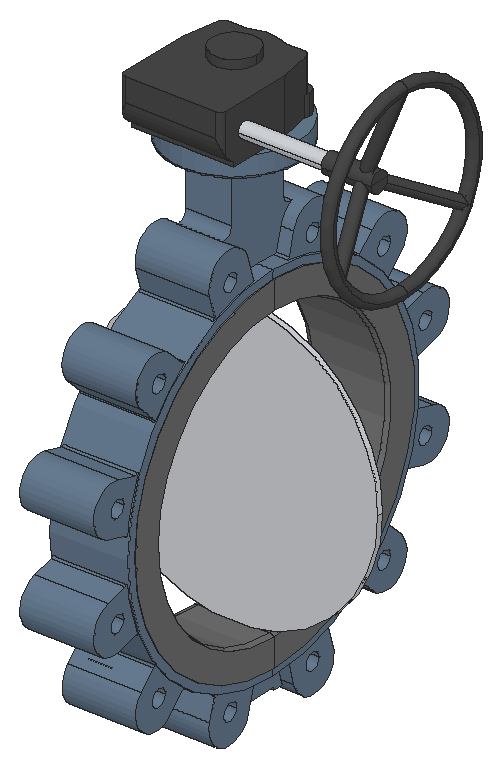
Revit family "HERZ Isolating Butterfly Valves AF-4219 with gearbox", category Rohrzubehör, Revit 2018 (continued)
Dimensions and locks
  "L03": plane 3 "Mitte (Links/rechts)" to Revolve 6 sketch curve
  "L02": Revolve 6 sketch curve to plane 3 "Mitte (Links/rechts)"
  "L03": Revolve 6 sketch curve to plane 3 "Mitte (Links/rechts)"
  "L01": plane 3 "Mitte (Links/rechts)" to Revolve 1 sketch curve
  "D02": Revolve 1 sketch curve to plane 2
  "L02": plane 3 "Mitte (Links/rechts)" to Revolve 6 sketch curve
  "D03": plane 2 to Revolve 6 sketch curve
  "L04": Revolve 6 sketch curve to plane 3 "Mitte (Links/rechts)" to Revolve 6 sketch curve
  "L01": curve 2 to plane 3 "Mitte (Links/rechts)" to curve 4
  equal spacing: curve 3, curve 6, curve 1
  equal spacing: curve 2, curve 6, curve 4
  "D01": curve 1 to plane 1 "Mitte (Vorne/hinten)" to curve 3
  "L01": curve 7 to curve 12 to curve 9
  "D01": curve 10 to curve 12 to curve 8
  "R99": radius of Revolve 2 sketch curve
  "D06": radius of Extrusion 7 sketch curve
  radius of curve 6 = 5 mm
  radius of curve 12 = 5 mm
  aligned and locked: level to plane 2
Automatic sketch dimensions
  Extrusion 3 sketch curve to Extrusion 3 sketch curve = 0 mm  (x20)
  Extrusion 3 sketch curve to level = 0 mm
  Extrusion 3 sketch curve to plane 1 "Mitte (Vorne/hinten)" = 0 mm
  plane 1 "Mitte (Vorne/hinten)" to Extrusion 3 sketch curve = 18.495 mm  (x2)
  Extrusion 3 sketch curve to Extrusion 3 sketch curve = 1.414 mm  (x16)
  Extrusion 3 sketch curve to Extrusion 3 sketch curve = 12.265 mm  (x8)
  Extrusion 3 sketch curve to level = 19.909 mm  (x2)
  Extrusion 3 sketch curve to Extrusion 3 sketch curve = 24.042 mm  (x8)
  level to Extrusion 3 sketch curve = 19.909 mm  (x2)
  Extrusion 3 sketch curve to Extrusion 3 sketch curve = 12.021 mm  (x12)
  Extrusion 3 sketch curve to plane 1 "Mitte (Vorne/hinten)" = 18.495 mm  (x2)
  Extrusion 3 sketch curve to Extrusion 3 sketch curve = 0.934 mm  (x4)
  Extrusion 4 sketch curve to level = 0 mm
  Extrusion 4 sketch curve to plane 1 "Mitte (Vorne/hinten)" = 0 mm
  plane 1 "Mitte (Vorne/hinten)" to Extrusion 4 sketch curve = 18.495 mm
  Extrusion 4 sketch curve to Extrusion 4 sketch curve = 1.414 mm  (x4)
  plane 1 "Mitte (Vorne/hinten)" to Extrusion 4 sketch curve = 20 mm
  Extrusion 4 sketch curve to Extrusion 4 sketch curve = 12.265 mm  (x2)
  Extrusion 4 sketch curve to Extrusion 4 sketch curve = 15 mm  (x2)
  Extrusion 4 sketch curve to Extrusion 4 sketch curve = 12.021 mm  (x4)
  Extrusion 4 sketch curve to plane 1 "Mitte (Vorne/hinten)" = 18.495 mm
  Extrusion 4 sketch curve to plane 1 "Mitte (Vorne/hinten)" = 20 mm
  level to Extrusion 4 sketch curve = 43.95 mm
  Extrusion 4 sketch curve to Extrusion 4 sketch curve = 0 mm
  Extrusion 4 sketch curve to Extrusion 4 sketch curve = 0.244 mm  (x2)
  Extrusion 4 sketch curve to Extrusion 4 sketch curve = 18.63 mm  (x2)
  Extrusion 4 sketch curve to Extrusion 4 sketch curve = 0.934 mm
  Extrusion 5 sketch curve to level = 0 mm
  Extrusion 5 sketch curve to plane 1 "Mitte (Vorne/hinten)" = 0 mm
  plane 1 "Mitte (Vorne/hinten)" to Extrusion 5 sketch curve = 15 mm
  Extrusion 5 sketch curve to Extrusion 5 sketch curve = 1.963 mm  (x2)
  Extrusion 5 sketch curve to Extrusion 5 sketch curve = 1.531 mm  (x2)
  Extrusion 5 sketch curve to Extrusion 5 sketch curve = 1.414 mm  (x4)
  Extrusion 5 sketch curve to Extrusion 5 sketch curve = 15.21 mm  (x2)
  Extrusion 5 sketch curve to Extrusion 5 sketch curve = 1.66 mm  (x2)
  Extrusion 5 sketch curve to Extrusion 5 sketch curve = 12.021 mm  (x3)
  Extrusion 5 sketch curve to plane 1 "Mitte (Vorne/hinten)" = 15 mm
  Extrusion 5 sketch curve to Extrusion 5 sketch curve = 1.037 mm  (x2)
  Extrusion 5 sketch curve to Extrusion 5 sketch curve = 1.4 mm  (x2)
  Extrusion 5 sketch curve to Extrusion 5 sketch curve = 1.785 mm  (x2)
  Extrusion 5 sketch curve to Extrusion 5 sketch curve = 12.635 mm  (x2)
  Extrusion 5 sketch curve to Extrusion 5 sketch curve = 0.934 mm
  Extrusion 5 sketch curve to Extrusion 5 sketch curve = 0.788 mm  (x2)
  Extrusion 5 sketch curve to Extrusion 5 sketch curve = 0 mm  (x2)
  Extrusion 4 sketch curve to Extrusion 4 sketch curve = 37.155 mm
  Extrusion 5 sketch curve to level = 43.95 mm
  Extrusion 8 sketch curve to Extrusion 8 sketch curve = 0 mm  (x12)
  Extrusion 8 sketch curve to level = 39.244 mm  (x2)
  plane 1 "Mitte (Vorne/hinten)" to Extrusion 8 sketch curve = 63.286 mm
  level to Extrusion 8 sketch curve = 39.244 mm  (x2)
  Extrusion 8 sketch curve to Extrusion 8 sketch curve = 9.19 mm  (x2)
  level to Extrusion 8 sketch curve = 28.614 mm  (x2)
  Extrusion 8 sketch curve to Extrusion 8 sketch curve = 1.441 mm  (x8)
  Extrusion 8 sketch curve to level = 28.614 mm  (x2)
  Extrusion 8 sketch curve to Extrusion 8 sketch curve = 12.021 mm  (x6)
  level to Extrusion 8 sketch curve = 63.286 mm  (x2)
  Extrusion 8 sketch curve to level = 63.286 mm  (x2)
  level to Extrusion 8 sketch curve = 52.636 mm  (x2)
  Extrusion 8 sketch curve to Extrusion 8 sketch curve = 10.65 mm  (x4)
  Extrusion 8 sketch curve to level = 52.636 mm  (x2)
  Extrusion 8 sketch curve to Extrusion 8 sketch curve = 1.414 mm  (x8)
  level to Extrusion 8 sketch curve = 0.001 mm  (x2)
  Extrusion 8 sketch curve to Extrusion 8 sketch curve = 28.594 mm
  Extrusion 8 sketch curve to level = 0.001 mm  (x2)
  Extrusion 8 sketch curve to Extrusion 8 sketch curve = 0.001 mm  (x2)
  Extrusion 8 sketch curve to Extrusion 8 sketch curve = 54.361 mm  (x2)
  Extrusion 8 sketch curve to Extrusion 8 sketch curve = 1.39 mm  (x2)
  Extrusion 8 sketch curve to Extrusion 8 sketch curve = 10.63 mm  (x2)
  Extrusion 8 sketch curve to Extrusion 8 sketch curve = 1.832 mm  (x2)
  Extrusion 9 sketch curve to Extrusion 9 sketch curve = 0 mm  (x5)
  Extrusion 9 sketch curve to level = 0 mm
  Extrusion 9 sketch curve to level = 51.265 mm
  plane 1 "Mitte (Vorne/hinten)" to Extrusion 9 sketch curve = 51.265 mm
  level to Extrusion 9 sketch curve = 51.265 mm
  Extrusion 9 sketch curve to Extrusion 9 sketch curve = 9.247 mm  (x3)
  Extrusion 9 sketch curve to level = 63.286 mm  (x2)
  Extrusion 9 sketch curve to Extrusion 9 sketch curve = 2.774 mm  (x4)
  level to Extrusion 9 sketch curve = 63.286 mm  (x2)
  Extrusion 9 sketch curve to Extrusion 9 sketch curve = 2.244 mm  (x2)
  Extrusion 9 sketch curve to Extrusion 9 sketch curve = 0.183 mm  (x2)
  level to Extrusion 9 sketch curve = 52.636 mm  (x2)
  Extrusion 9 sketch curve to Extrusion 9 sketch curve = 10.65 mm  (x3)
  Extrusion 9 sketch curve to level = 52.636 mm  (x2)
  Extrusion 9 sketch curve to Extrusion 9 sketch curve = 1.414 mm  (x8)
  Extrusion 9 sketch curve to Extrusion 9 sketch curve = 14.817 mm  (x2)
  Extrusion 9 sketch curve to Extrusion 9 sketch curve = 7.21 mm
  Extrusion 9 sketch curve to Extrusion 9 sketch curve = 1.971 mm
  Extrusion 9 sketch curve to Extrusion 9 sketch curve = 28.595 mm
  Extrusion 9 sketch curve to Extrusion 9 sketch curve = 36 mm
  Extrusion 9 sketch curve to Extrusion 9 sketch curve = 1.997 mm
  Extrusion 9 sketch curve to Extrusion 9 sketch curve = 44 mm
  Extrusion 9 sketch curve to Extrusion 9 sketch curve = 5.181 mm
  Extrusion 9 sketch curve to Extrusion 9 sketch curve = 7.184 mm
  Extrusion 9 sketch curve to Extrusion 9 sketch curve = 12.021 mm  (x2)
  Extrusion 9 sketch curve to Extrusion 9 sketch curve = 14.891 mm
  Extrusion 9 sketch curve to Extrusion 9 sketch curve = 6.473 mm
  Extrusion 9 sketch curve to Extrusion 9 sketch curve = 12.756 mm  (x2)
  Extrusion 9 sketch curve to Extrusion 9 sketch curve = 55.987 mm
  Extrusion 10 sketch curve to Extrusion 10 sketch curve = 0 mm  (x48)
  level to Extrusion 10 sketch curve = 14.909 mm  (x2)
  plane 1 "Mitte (Vorne/hinten)" to Extrusion 10 sketch curve = 80.416 mm
  Extrusion 10 sketch curve to level = 14.909 mm  (x2)
  Extrusion 10 sketch curve to Extrusion 10 sketch curve = 6.506 mm  (x6)
  Extrusion 10 sketch curve to level = 46.321 mm  (x2)
  level to Extrusion 10 sketch curve = 46.321 mm  (x2)
  Extrusion 10 sketch curve to level = 7.243 mm
  Extrusion 10 sketch curve to Extrusion 10 sketch curve = 13.321 mm
  level to Extrusion 10 sketch curve = 7.243 mm
  Extrusion 10 sketch curve to level = 9.076 mm  (x2)
  Extrusion 10 sketch curve to Extrusion 10 sketch curve = 0.759 mm  (x8)
  level to Extrusion 10 sketch curve = 9.076 mm  (x2)
  level to Extrusion 10 sketch curve = 40.487 mm  (x2)
  Extrusion 10 sketch curve to Extrusion 10 sketch curve = 14.082 mm  (x4)
  Extrusion 10 sketch curve to level = 40.487 mm  (x2)
  Extrusion 10 sketch curve to Extrusion 10 sketch curve = 0.758 mm  (x8)
  level to Extrusion 10 sketch curve = 67.405 mm  (x2)
  Extrusion 10 sketch curve to Extrusion 10 sketch curve = 6.243 mm  (x2)
  Extrusion 10 sketch curve to level = 67.405 mm  (x2)
  Extrusion 10 sketch curve to Extrusion 10 sketch curve = 10.245 mm  (x4)
  level to Extrusion 10 sketch curve = 53.322 mm  (x2)
  Extrusion 10 sketch curve to Extrusion 10 sketch curve = 1.831 mm  (x8)
  Extrusion 10 sketch curve to level = 53.322 mm  (x2)
  Extrusion 10 sketch curve to Extrusion 10 sketch curve = 15.706 mm  (x6)
  level to Extrusion 10 sketch curve = 80.416 mm  (x2)
  Extrusion 10 sketch curve to level = 80.416 mm  (x2)
  Extrusion 10 sketch curve to level = 66.335 mm  (x2)
  Extrusion 10 sketch curve to Extrusion 10 sketch curve = 5.832 mm  (x4)
  level to Extrusion 10 sketch curve = 66.335 mm  (x2)
  Extrusion 10 sketch curve to Extrusion 10 sketch curve = 1.833 mm  (x6)
  level to Extrusion 10 sketch curve = 0 mm
  Extrusion 10 sketch curve to Extrusion 10 sketch curve = 14.486 mm  (x2)
  Extrusion 10 sketch curve to Extrusion 10 sketch curve = 9.873 mm  (x2)
  Extrusion 10 sketch curve to Extrusion 10 sketch curve = 5.833 mm  (x2)
  Extrusion 10 sketch curve to Extrusion 10 sketch curve = 13.013 mm
  Extrusion 10 sketch curve to Extrusion 10 sketch curve = 14.081 mm  (x2)
  Extrusion 10 sketch curve to Extrusion 10 sketch curve = 1.973 mm  (x4)
  Extrusion 10 sketch curve to Extrusion 10 sketch curve = 1.544 mm  (x4)
  Extrusion 10 sketch curve to Extrusion 10 sketch curve = 1.243 mm  (x3)
  Extrusion 10 sketch curve to Extrusion 10 sketch curve = 0.211 mm  (x2)
  Extrusion 10 sketch curve to Extrusion 10 sketch curve = 0.002 mm  (x5)
  Extrusion 10 sketch curve to Extrusion 10 sketch curve = 0.213 mm  (x2)
  Extrusion 10 sketch curve to Extrusion 10 sketch curve = 41.076 mm
  Extrusion 10 sketch curve to level = 0 mm
  level to Extrusion 11 sketch curve = 100.814 mm
  plane 1 "Mitte (Vorne/hinten)" to Extrusion 11 sketch curve = 32 mm
  Extrusion 11 sketch curve to Extrusion 11 sketch curve = 1.385 mm
  Extrusion 11 sketch curve to Extrusion 11 sketch curve = 10 mm  (x2)
  Extrusion 11 sketch curve to level = 80.416 mm
  Extrusion 11 sketch curve to Extrusion 11 sketch curve = 15.706 mm  (x3)
  level to Extrusion 11 sketch curve = 80.416 mm  (x2)
  Extrusion 11 sketch curve to Extrusion 11 sketch curve = 1.409 mm
  Extrusion 11 sketch curve to level = 66.335 mm  (x2)
  Extrusion 11 sketch curve to Extrusion 11 sketch curve = 5.832 mm  (x3)
  level to Extrusion 11 sketch curve = 66.335 mm  (x2)
  Extrusion 11 sketch curve to Extrusion 11 sketch curve = 1.833 mm  (x4)
  level to Extrusion 11 sketch curve = 0.554 mm
  Extrusion 11 sketch curve to Extrusion 11 sketch curve = 9.076 mm
  Extrusion 11 sketch curve to level = 0.554 mm
  Extrusion 11 sketch curve to Extrusion 11 sketch curve = 0 mm  (x3)
  Extrusion 11 sketch curve to Extrusion 11 sketch curve = 14.486 mm  (x2)
  Extrusion 11 sketch curve to Extrusion 11 sketch curve = 44 mm
  Extrusion 11 sketch curve to Extrusion 11 sketch curve = 0.759 mm  (x4)
  Extrusion 11 sketch curve to Extrusion 11 sketch curve = 6.506 mm
  Extrusion 11 sketch curve to Extrusion 11 sketch curve = 42.686 mm
  Extrusion 11 sketch curve to level = 80.371 mm
  Extrusion 11 sketch curve to Extrusion 11 sketch curve = 1.39 mm
  Extrusion 11 sketch curve to Extrusion 11 sketch curve = 27 mm
  Extrusion 12 sketch curve to Extrusion 12 sketch curve = 0 mm  (x40)
  Extrusion 12 sketch curve to level = 0 mm
  level to Extrusion 12 sketch curve = 18.736 mm  (x2)
  plane 1 "Mitte (Vorne/hinten)" to Extrusion 12 sketch curve = 89.655 mm
  Extrusion 12 sketch curve to level = 18.736 mm  (x2)
  Extrusion 12 sketch curve to Extrusion 12 sketch curve = 6.506 mm  (x6)
  Extrusion 12 sketch curve to level = 50.147 mm  (x2)
  level to Extrusion 12 sketch curve = 50.147 mm  (x2)
  Extrusion 12 sketch curve to Extrusion 12 sketch curve = 13.415 mm  (x2)
  Extrusion 12 sketch curve to level = 12.858 mm  (x2)
  Extrusion 12 sketch curve to Extrusion 12 sketch curve = 0.776 mm  (x8)
  level to Extrusion 12 sketch curve = 12.858 mm  (x2)
  Extrusion 12 sketch curve to level = 44.269 mm  (x2)
  Extrusion 12 sketch curve to Extrusion 12 sketch curve = 14.192 mm  (x4)
  level to Extrusion 12 sketch curve = 44.269 mm  (x2)
  Extrusion 12 sketch curve to Extrusion 12 sketch curve = 0.775 mm  (x8)
  level to Extrusion 12 sketch curve = 76.644 mm  (x2)
  Extrusion 12 sketch curve to Extrusion 12 sketch curve = 11.529 mm  (x2)
  Extrusion 12 sketch curve to level = 76.644 mm  (x2)
  Extrusion 12 sketch curve to Extrusion 12 sketch curve = 4.008 mm  (x2)
  level to Extrusion 12 sketch curve = 62.451 mm  (x2)
  Extrusion 12 sketch curve to Extrusion 12 sketch curve = 1.871 mm  (x8)
  Extrusion 12 sketch curve to level = 62.451 mm  (x2)
  Extrusion 12 sketch curve to Extrusion 12 sketch curve = 15.706 mm  (x6)
  level to Extrusion 12 sketch curve = 89.655 mm  (x2)
  Extrusion 12 sketch curve to level = 89.655 mm  (x2)
  Extrusion 12 sketch curve to level = 75.464 mm  (x2)
  Extrusion 12 sketch curve to Extrusion 12 sketch curve = 5.878 mm  (x4)
  level to Extrusion 12 sketch curve = 75.464 mm  (x2)
  Extrusion 12 sketch curve to Extrusion 12 sketch curve = 1.873 mm  (x8)
  Extrusion 12 sketch curve to Extrusion 12 sketch curve = 21.969 mm  (x2)
  Extrusion 12 sketch curve to Extrusion 12 sketch curve = 9.827 mm  (x2)
  Extrusion 12 sketch curve to Extrusion 12 sketch curve = 5.879 mm  (x2)
  Extrusion 12 sketch curve to Extrusion 12 sketch curve = 15.537 mm  (x2)
  Extrusion 12 sketch curve to Extrusion 12 sketch curve = 13.013 mm
  Extrusion 12 sketch curve to Extrusion 12 sketch curve = 14.19 mm  (x2)
  Extrusion 12 sketch curve to Extrusion 12 sketch curve = 44.269 mm
  Extrusion 13 sketch curve to Extrusion 13 sketch curve = 0 mm  (x5)
  Extrusion 13 sketch curve to level = 0 mm
  level to Extrusion 13 sketch curve = 114.47 mm
  plane 1 "Mitte (Vorne/hinten)" to Extrusion 13 sketch curve = 41 mm
  Extrusion 13 sketch curve to level = 83.149 mm
  Extrusion 13 sketch curve to Extrusion 13 sketch curve = 6.558 mm  (x2)
  Extrusion 13 sketch curve to Extrusion 13 sketch curve = 15 mm  (x2)
  level to Extrusion 13 sketch curve = 89.655 mm  (x2)
  Extrusion 13 sketch curve to Extrusion 13 sketch curve = 15.706 mm  (x2)
  Extrusion 13 sketch curve to Extrusion 13 sketch curve = 5.236 mm  (x2)
  level to Extrusion 13 sketch curve = 75.464 mm  (x2)
  Extrusion 13 sketch curve to Extrusion 13 sketch curve = 5.878 mm  (x3)
  Extrusion 13 sketch curve to level = 75.464 mm  (x2)
  Extrusion 13 sketch curve to Extrusion 13 sketch curve = 1.873 mm  (x4)
  Extrusion 13 sketch curve to Extrusion 13 sketch curve = 12.858 mm
  Extrusion 13 sketch curve to Extrusion 13 sketch curve = 21.969 mm
  Extrusion 13 sketch curve to Extrusion 13 sketch curve = 3.345 mm
  Extrusion 13 sketch curve to Extrusion 13 sketch curve = 3 mm  (x2)
  Extrusion 13 sketch curve to Extrusion 13 sketch curve = 6.506 mm  (x3)
  Extrusion 13 sketch curve to Extrusion 13 sketch curve = 0.776 mm  (x4)
  Extrusion 13 sketch curve to Extrusion 13 sketch curve = 31.321 mm
  Extrusion 13 sketch curve to Extrusion 13 sketch curve = 52.53 mm
  Extrusion 13 sketch curve to Extrusion 13 sketch curve = 11.129 mm  (x2)
  Extrusion 13 sketch curve to Extrusion 13 sketch curve = 9.812 mm  (x2)
  Extrusion 13 sketch curve to Extrusion 13 sketch curve = 3.078 mm
  Extrusion 13 sketch curve to Extrusion 13 sketch curve = 21.68 mm
  Extrusion 13 sketch curve to Extrusion 13 sketch curve = 2.515 mm
  Extrusion 13 sketch curve to Extrusion 13 sketch curve = 52 mm
  Extrusion 14 sketch curve to Extrusion 14 sketch curve = 0 mm  (x22)
  Extrusion 14 sketch curve to level = 24.476 mm  (x2)
  plane 1 "Mitte (Vorne/hinten)" to Extrusion 14 sketch curve = 103.513 mm
  level to Extrusion 14 sketch curve = 24.476 mm  (x2)
  Extrusion 14 sketch curve to Extrusion 14 sketch curve = 6.506 mm  (x6)
  Extrusion 14 sketch curve to Extrusion 14 sketch curve = 11.623 mm  (x2)
  Extrusion 14 sketch curve to level = 19.351 mm  (x2)
  Extrusion 14 sketch curve to Extrusion 14 sketch curve = 0.749 mm  (x8)
  level to Extrusion 14 sketch curve = 19.351 mm  (x2)
  Extrusion 14 sketch curve to level = 55.888 mm  (x2)
  level to Extrusion 14 sketch curve = 55.888 mm  (x2)
  Extrusion 14 sketch curve to level = 50.783 mm  (x2)
  Extrusion 14 sketch curve to Extrusion 14 sketch curve = 12.323 mm  (x4)
  level to Extrusion 14 sketch curve = 50.783 mm  (x2)
  Extrusion 14 sketch curve to Extrusion 14 sketch curve = 0.774 mm  (x8)
  level to Extrusion 14 sketch curve = 90.502 mm  (x2)
  Extrusion 14 sketch curve to Extrusion 14 sketch curve = 21.517 mm  (x2)
  Extrusion 14 sketch curve to level = 90.502 mm  (x2)
  Extrusion 14 sketch curve to Extrusion 14 sketch curve = 3.235 mm  (x2)
  Extrusion 14 sketch curve to level = 78.179 mm  (x2)
  Extrusion 14 sketch curve to Extrusion 14 sketch curve = 1.869 mm  (x8)
  level to Extrusion 14 sketch curve = 78.179 mm  (x2)
  Extrusion 14 sketch curve to Extrusion 14 sketch curve = 15.706 mm  (x6)
  level to Extrusion 14 sketch curve = 103.513 mm  (x2)
  Extrusion 14 sketch curve to level = 103.513 mm  (x2)
  level to Extrusion 14 sketch curve = 91.141 mm  (x2)
  Extrusion 14 sketch curve to Extrusion 14 sketch curve = 5.125 mm  (x4)
  Extrusion 14 sketch curve to level = 91.141 mm  (x2)
  Extrusion 14 sketch curve to Extrusion 14 sketch curve = 1.809 mm  (x8)
  Extrusion 14 sketch curve to level = 0.103 mm  (x2)
  Extrusion 14 sketch curve to Extrusion 14 sketch curve = 90.896 mm
  level to Extrusion 14 sketch curve = 0.103 mm  (x2)
  Extrusion 14 sketch curve to Extrusion 14 sketch curve = 0.142 mm  (x7)
  Extrusion 14 sketch curve to Extrusion 14 sketch curve = 0.207 mm  (x2)
  Extrusion 14 sketch curve to Extrusion 14 sketch curve = 35.084 mm  (x2)
  Extrusion 14 sketch curve to Extrusion 14 sketch curve = 10.601 mm  (x2)
  Extrusion 14 sketch curve to Extrusion 14 sketch curve = 5.104 mm  (x2)
  Extrusion 14 sketch curve to Extrusion 14 sketch curve = 24.752 mm  (x2)
  Extrusion 14 sketch curve to Extrusion 14 sketch curve = 12.962 mm  (x2)
  Extrusion 14 sketch curve to Extrusion 14 sketch curve = 12.372 mm  (x2)
  Extrusion 14 sketch curve to level = 0.245 mm
  Extrusion 14 sketch curve to Extrusion 14 sketch curve = 1.933 mm  (x2)
  Extrusion 14 sketch curve to Extrusion 14 sketch curve = 0.314 mm  (x2)
  level to Extrusion 15 sketch curve = 97.007 mm
  plane 1 "Mitte (Vorne/hinten)" to Extrusion 15 sketch curve = 40.182 mm
  Extrusion 15 sketch curve to level = 97.007 mm
  Extrusion 15 sketch curve to Extrusion 15 sketch curve = 0 mm  (x7)
  Extrusion 15 sketch curve to Extrusion 15 sketch curve = 4.132 mm
  Extrusion 15 sketch curve to Extrusion 15 sketch curve = 10.048 mm  (x2)
  Extrusion 15 sketch curve to Extrusion 15 sketch curve = 15.706 mm  (x3)
  level to Extrusion 15 sketch curve = 103.513 mm  (x2)
  level to Extrusion 15 sketch curve = 91.141 mm  (x2)
  Extrusion 15 sketch curve to Extrusion 15 sketch curve = 5.125 mm  (x3)
  Extrusion 15 sketch curve to level = 91.141 mm  (x2)
  Extrusion 15 sketch curve to Extrusion 15 sketch curve = 1.809 mm  (x4)
  Extrusion 15 sketch curve to Extrusion 15 sketch curve = 10.974 mm  (x2)
  Extrusion 15 sketch curve to level = 0.111 mm
  Extrusion 15 sketch curve to Extrusion 15 sketch curve = 19.35 mm
  level to Extrusion 15 sketch curve = 0.111 mm
  Extrusion 15 sketch curve to Extrusion 15 sketch curve = 35.081 mm
  Extrusion 15 sketch curve to Extrusion 15 sketch curve = 4.041 mm
  Extrusion 15 sketch curve to level = 103.513 mm
  Extrusion 15 sketch curve to Extrusion 15 sketch curve = 9.998 mm  (x2)
  Extrusion 15 sketch curve to Extrusion 15 sketch curve = 3 mm
  Extrusion 15 sketch curve to Extrusion 15 sketch curve = 6.505 mm  (x2)
  Extrusion 15 sketch curve to Extrusion 15 sketch curve = 0.749 mm  (x4)
  Extrusion 15 sketch curve to Extrusion 15 sketch curve = 20.176 mm  (x2)
  Extrusion 15 sketch curve to Extrusion 15 sketch curve = 62.311 mm
  Extrusion 15 sketch curve to Extrusion 15 sketch curve = 0.048 mm
  Extrusion 15 sketch curve to Extrusion 15 sketch curve = 11.626 mm  (x2)
  Extrusion 15 sketch curve to Extrusion 15 sketch curve = 27 mm
  Extrusion 15 sketch curve to Extrusion 15 sketch curve = 52 mm
  Extrusion 16 sketch curve to Extrusion 16 sketch curve = 0 mm  (x23)
  Extrusion 16 sketch curve to level = 26.521 mm  (x2)
  plane 1 "Mitte (Vorne/hinten)" to Extrusion 16 sketch curve = 118.902 mm
  level to Extrusion 16 sketch curve = 26.521 mm  (x2)
  Extrusion 16 sketch curve to Extrusion 16 sketch curve = 8.036 mm  (x6)
  Extrusion 16 sketch curve to Extrusion 16 sketch curve = 15.875 mm  (x2)
  level to Extrusion 16 sketch curve = 65.323 mm  (x2)
  Extrusion 16 sketch curve to level = 65.323 mm  (x2)
  level to Extrusion 16 sketch curve = 19.621 mm  (x2)
  Extrusion 16 sketch curve to Extrusion 16 sketch curve = 0.782 mm  (x8)
  Extrusion 16 sketch curve to level = 19.621 mm  (x2)
  Extrusion 16 sketch curve to level = 58.409 mm  (x2)
  Extrusion 16 sketch curve to Extrusion 16 sketch curve = 16.693 mm  (x4)
  level to Extrusion 16 sketch curve = 58.409 mm  (x2)
  Extrusion 16 sketch curve to Extrusion 16 sketch curve = 0.763 mm  (x8)
  Extrusion 16 sketch curve to level = 102.829 mm  (x2)
  Extrusion 16 sketch curve to Extrusion 16 sketch curve = 20.05 mm  (x2)
  level to Extrusion 16 sketch curve = 102.829 mm  (x2)
  Extrusion 16 sketch curve to Extrusion 16 sketch curve = 5.074 mm  (x2)
  level to Extrusion 16 sketch curve = 86.136 mm  (x2)
  Extrusion 16 sketch curve to Extrusion 16 sketch curve = 1.841 mm  (x8)
  Extrusion 16 sketch curve to level = 86.136 mm  (x2)
  Extrusion 16 sketch curve to Extrusion 16 sketch curve = 19.401 mm  (x6)
  level to Extrusion 16 sketch curve = 118.902 mm  (x2)
  Extrusion 16 sketch curve to level = 118.902 mm  (x2)
  level to Extrusion 16 sketch curve = 102.246 mm  (x2)
  Extrusion 16 sketch curve to Extrusion 16 sketch curve = 6.899 mm  (x4)
  Extrusion 16 sketch curve to level = 102.246 mm  (x2)
  Extrusion 16 sketch curve to Extrusion 16 sketch curve = 1.887 mm  (x8)
  level to Extrusion 16 sketch curve = 0.002 mm  (x2)
  Extrusion 16 sketch curve to Extrusion 16 sketch curve = 86.133 mm
  Extrusion 16 sketch curve to level = 0.002 mm
  Extrusion 16 sketch curve to Extrusion 16 sketch curve = 0.001 mm  (x8)
  Extrusion 16 sketch curve to Extrusion 16 sketch curve = 35.469 mm  (x2)
  Extrusion 16 sketch curve to Extrusion 16 sketch curve = 12.487 mm  (x2)
  Extrusion 16 sketch curve to Extrusion 16 sketch curve = 6.914 mm  (x2)
  Extrusion 16 sketch curve to Extrusion 16 sketch curve = 25.124 mm  (x2)
  Extrusion 16 sketch curve to Extrusion 16 sketch curve = 16.11 mm
  Extrusion 16 sketch curve to Extrusion 16 sketch curve = 16.656 mm  (x2)
  Extrusion 16 sketch curve to level = 0.003 mm
  Extrusion 16 sketch curve to Extrusion 16 sketch curve = 2.019 mm  (x2)
  Extrusion 16 sketch curve to Extrusion 16 sketch curve = 0.309 mm  (x2)
  Extrusion 16 sketch curve to Extrusion 16 sketch curve = 0.004 mm  (x2)
  Extrusion 17 sketch curve to Extrusion 17 sketch curve = 0 mm  (x7)
  Extrusion 17 sketch curve to level = 0 mm
  Extrusion 17 sketch curve to plane 1 "Mitte (Vorne/hinten)" = 0 mm
  plane 1 "Mitte (Vorne/hinten)" to Extrusion 17 sketch curve = 13.5 mm
  plane 1 "Mitte (Vorne/hinten)" to Extrusion 17 sketch curve = 17.734 mm  (x2)
  Extrusion 17 sketch curve to Extrusion 17 sketch curve = 1.887 mm  (x4)
  plane 1 "Mitte (Vorne/hinten)" to Extrusion 17 sketch curve = 26 mm
  Extrusion 17 sketch curve to Extrusion 17 sketch curve = 0.521 mm
  Extrusion 17 sketch curve to Extrusion 17 sketch curve = 13.021 mm  (x2)
  Extrusion 17 sketch curve to Extrusion 17 sketch curve = 4.341 mm  (x2)
  Extrusion 17 sketch curve to Extrusion 17 sketch curve = 10 mm  (x2)
  Extrusion 17 sketch curve to Extrusion 17 sketch curve = 19.401 mm  (x4)
  Extrusion 17 sketch curve to plane 1 "Mitte (Vorne/hinten)" = 13.5 mm
  Extrusion 17 sketch curve to plane 1 "Mitte (Vorne/hinten)" = 17.734 mm  (x2)
  Extrusion 17 sketch curve to Extrusion 17 sketch curve = 6.899 mm
  Extrusion 17 sketch curve to level = 102.246 mm
  Extrusion 17 sketch curve to Extrusion 17 sketch curve = 0.782 mm  (x4)
  Extrusion 17 sketch curve to Extrusion 17 sketch curve = 8.62 mm  (x4)
  Extrusion 17 sketch curve to Extrusion 17 sketch curve = 16.656 mm  (x4)
  Extrusion 17 sketch curve to Extrusion 17 sketch curve = 3 mm
  level to Extrusion 17 sketch curve = 102.246 mm
  Extrusion 17 sketch curve to Extrusion 17 sketch curve = 16.098 mm  (x2)
  Extrusion 17 sketch curve to Extrusion 17 sketch curve = 64 mm
  Extrusion 17 sketch curve to Extrusion 17 sketch curve = 4.938 mm
  Extrusion 18 sketch curve to Extrusion 18 sketch curve = 0 mm  (x62)
  Extrusion 18 sketch curve to level = 0 mm
  Extrusion 18 sketch curve to level = 17.891 mm  (x2)
  plane 1 "Mitte (Vorne/hinten)" to Extrusion 18 sketch curve = 147.909 mm
  level to Extrusion 18 sketch curve = 17.891 mm  (x2)
  Extrusion 18 sketch curve to Extrusion 18 sketch curve = 5.435 mm  (x6)
  Extrusion 18 sketch curve to level = 58.46 mm  (x2)
  level to Extrusion 18 sketch curve = 58.46 mm  (x2)
  Extrusion 18 sketch curve to Extrusion 18 sketch curve = 15.462 mm  (x2)
  level to Extrusion 18 sketch curve = 13.612 mm  (x2)
  Extrusion 18 sketch curve to Extrusion 18 sketch curve = 0.509 mm  (x8)
  Extrusion 18 sketch curve to level = 13.612 mm  (x2)
  Extrusion 18 sketch curve to level = 54.199 mm  (x2)
  Extrusion 18 sketch curve to Extrusion 18 sketch curve = 15.903 mm  (x4)
  level to Extrusion 18 sketch curve = 54.199 mm  (x2)
  Extrusion 18 sketch curve to Extrusion 18 sketch curve = 0.53 mm  (x8)
  Extrusion 18 sketch curve to level = 89.449 mm  (x2)
  Extrusion 18 sketch curve to Extrusion 18 sketch curve = 1.459 mm  (x2)
  level to Extrusion 18 sketch curve = 89.449 mm  (x2)
  Extrusion 18 sketch curve to Extrusion 18 sketch curve = 10.302 mm  (x2)
  Extrusion 18 sketch curve to level = 77.758 mm  (x2)
  Extrusion 18 sketch curve to Extrusion 18 sketch curve = 1.389 mm  (x8)
  level to Extrusion 18 sketch curve = 77.758 mm  (x2)
  Extrusion 18 sketch curve to Extrusion 18 sketch curve = 14.849 mm  (x6)
  Extrusion 18 sketch curve to level = 119.147 mm  (x2)
  level to Extrusion 18 sketch curve = 119.147 mm  (x2)
  level to Extrusion 18 sketch curve = 107.506 mm  (x2)
  Extrusion 18 sketch curve to Extrusion 18 sketch curve = 11.642 mm  (x4)
  Extrusion 18 sketch curve to level = 107.506 mm  (x2)
  Extrusion 18 sketch curve to Extrusion 18 sketch curve = 1.448 mm  (x8)
  level to Extrusion 18 sketch curve = 137.039 mm  (x2)
  Extrusion 18 sketch curve to Extrusion 18 sketch curve = 17.899 mm  (x2)
  Extrusion 18 sketch curve to level = 137.039 mm  (x2)
  Extrusion 18 sketch curve to Extrusion 18 sketch curve = 2.283 mm  (x2)
  Extrusion 18 sketch curve to level = 121.136 mm  (x2)
  Extrusion 18 sketch curve to Extrusion 18 sketch curve = 1.978 mm  (x8)
  level to Extrusion 18 sketch curve = 121.136 mm  (x2)
  Extrusion 18 sketch curve to Extrusion 18 sketch curve = 20.284 mm  (x6)
  Extrusion 18 sketch curve to level = 147.909 mm  (x2)
  level to Extrusion 18 sketch curve = 147.909 mm  (x2)
  level to Extrusion 18 sketch curve = 131.939 mm  (x2)
  Extrusion 18 sketch curve to Extrusion 18 sketch curve = 4.279 mm  (x4)
  Extrusion 18 sketch curve to level = 131.939 mm  (x2)
  Extrusion 18 sketch curve to Extrusion 18 sketch curve = 1.898 mm  (x8)
  Extrusion 18 sketch curve to Extrusion 18 sketch curve = 13.612 mm
  Extrusion 18 sketch curve to Extrusion 18 sketch curve = 23.429 mm  (x2)
  Extrusion 18 sketch curve to Extrusion 18 sketch curve = 16.023 mm  (x2)
  Extrusion 18 sketch curve to Extrusion 18 sketch curve = 4.261 mm  (x2)
  Extrusion 18 sketch curve to Extrusion 18 sketch curve = 20.183 mm  (x2)
  Extrusion 18 sketch curve to Extrusion 18 sketch curve = 3.158 mm  (x2)
  Extrusion 18 sketch curve to Extrusion 18 sketch curve = 11.691 mm  (x2)
  Extrusion 18 sketch curve to Extrusion 18 sketch curve = 11.76 mm  (x2)
  Extrusion 18 sketch curve to Extrusion 18 sketch curve = 10.803 mm
  Extrusion 18 sketch curve to Extrusion 18 sketch curve = 15.97 mm  (x2)
  Extrusion 19 sketch curve to Extrusion 19 sketch curve = 0 mm  (x5)
  Extrusion 19 sketch curve to level = 0 mm
  Extrusion 19 sketch curve to level = 142.474 mm
  plane 1 "Mitte (Vorne/hinten)" to Extrusion 19 sketch curve = 38.176 mm
  level to Extrusion 19 sketch curve = 142.474 mm
  Extrusion 19 sketch curve to Extrusion 19 sketch curve = 8.163 mm
  Extrusion 19 sketch curve to Extrusion 19 sketch curve = 2.013 mm  (x2)
  Extrusion 19 sketch curve to level = 147.909 mm
  Extrusion 19 sketch curve to Extrusion 19 sketch curve = 20.284 mm  (x3)
  level to Extrusion 19 sketch curve = 147.909 mm  (x2)
  Extrusion 19 sketch curve to Extrusion 19 sketch curve = 10.109 mm
  Extrusion 19 sketch curve to level = 131.939 mm  (x2)
  Extrusion 19 sketch curve to Extrusion 19 sketch curve = 4.279 mm  (x4)
  level to Extrusion 19 sketch curve = 131.939 mm  (x2)
  Extrusion 19 sketch curve to Extrusion 19 sketch curve = 1.898 mm  (x4)
  Extrusion 19 sketch curve to Extrusion 19 sketch curve = 13.612 mm
  Extrusion 19 sketch curve to Extrusion 19 sketch curve = 23.429 mm  (x2)
  Extrusion 19 sketch curve to Extrusion 19 sketch curve = 56 mm
  Extrusion 19 sketch curve to Extrusion 19 sketch curve = 5.435 mm  (x2)
  Extrusion 19 sketch curve to Extrusion 19 sketch curve = 0.509 mm  (x4)
  Extrusion 19 sketch curve to Extrusion 19 sketch curve = 16.081 mm  (x2)
  Extrusion 19 sketch curve to Extrusion 19 sketch curve = 66.01 mm
  Extrusion 19 sketch curve to Extrusion 19 sketch curve = 1.832 mm  (x2)
  Extrusion 19 sketch curve to Extrusion 19 sketch curve = 0.173 mm
  Extrusion 20 sketch curve to level = 22.097 mm  (x2)
  plane 1 "Mitte (Vorne/hinten)" to Extrusion 20 sketch curve = 177.618 mm
  level to Extrusion 20 sketch curve = 22.097 mm  (x2)
  Extrusion 20 sketch curve to Extrusion 20 sketch curve = 0 mm  (x17)
  Extrusion 20 sketch curve to Extrusion 20 sketch curve = 6.47 mm  (x4)
  Extrusion 20 sketch curve to Extrusion 20 sketch curve = 2.415 mm  (x8)
  level to Extrusion 20 sketch curve = 70.393 mm  (x2)
  Extrusion 20 sketch curve to level = 70.393 mm  (x2)
  Extrusion 20 sketch curve to Extrusion 20 sketch curve = 18.556 mm  (x2)
  Extrusion 20 sketch curve to level = 16.983 mm  (x2)
  Extrusion 20 sketch curve to Extrusion 20 sketch curve = 0.529 mm  (x16)
  level to Extrusion 20 sketch curve = 16.983 mm  (x2)
  level to Extrusion 20 sketch curve = 65.28 mm  (x2)
  Extrusion 20 sketch curve to Extrusion 20 sketch curve = 19.085 mm  (x6)
  Extrusion 20 sketch curve to level = 65.28 mm  (x2)
  Extrusion 20 sketch curve to level = 107.956 mm  (x2)
  Extrusion 20 sketch curve to Extrusion 20 sketch curve = 2.085 mm  (x2)
  level to Extrusion 20 sketch curve = 107.956 mm  (x2)
  Extrusion 20 sketch curve to Extrusion 20 sketch curve = 12.527 mm  (x2)
  level to Extrusion 20 sketch curve = 93.984 mm  (x2)
  Extrusion 20 sketch curve to Extrusion 20 sketch curve = 1.445 mm  (x16)
  Extrusion 20 sketch curve to level = 93.984 mm  (x2)
  Extrusion 20 sketch curve to Extrusion 20 sketch curve = 17.678 mm  (x4)
  Extrusion 20 sketch curve to Extrusion 20 sketch curve = 1.768 mm  (x8)
  level to Extrusion 20 sketch curve = 143.311 mm  (x2)
  Extrusion 20 sketch curve to level = 143.311 mm  (x2)
  Extrusion 20 sketch curve to level = 129.34 mm  (x2)
  Extrusion 20 sketch curve to Extrusion 20 sketch curve = 13.971 mm  (x6)
  level to Extrusion 20 sketch curve = 129.34 mm  (x2)
  level to Extrusion 20 sketch curve = 164.981 mm  (x2)
  Extrusion 20 sketch curve to Extrusion 20 sketch curve = 22.118 mm  (x2)
  Extrusion 20 sketch curve to level = 164.981 mm  (x2)
  Extrusion 20 sketch curve to Extrusion 20 sketch curve = 3.14 mm  (x2)
  level to Extrusion 20 sketch curve = 145.897 mm  (x2)
  Extrusion 20 sketch curve to Extrusion 20 sketch curve = 1.974 mm  (x8)
  Extrusion 20 sketch curve to level = 145.897 mm  (x2)
  Extrusion 20 sketch curve to Extrusion 20 sketch curve = 24.148 mm  (x4)
  Extrusion 20 sketch curve to Extrusion 20 sketch curve = 0.647 mm  (x8)
  level to Extrusion 20 sketch curve = 177.922 mm  (x2)
  Extrusion 20 sketch curve to level = 177.922 mm  (x2)
  level to Extrusion 20 sketch curve = 158.837 mm  (x2)
  Extrusion 20 sketch curve to Extrusion 20 sketch curve = 5.114 mm  (x6)
  Extrusion 20 sketch curve to level = 158.837 mm  (x2)
  Extrusion 20 sketch curve to Extrusion 20 sketch curve = 1.973 mm  (x8)
  Extrusion 20 sketch curve to level = 0.226 mm  (x2)
  Extrusion 20 sketch curve to Extrusion 20 sketch curve = 158.098 mm
  level to Extrusion 20 sketch curve = 0.226 mm
  level to Extrusion 20 sketch curve = 0.072 mm
  Extrusion 20 sketch curve to Extrusion 20 sketch curve = 0.128 mm  (x3)
  Extrusion 20 sketch curve to level = 0.072 mm
  Extrusion 20 sketch curve to Extrusion 20 sketch curve = 0.061 mm  (x4)
  Extrusion 20 sketch curve to level = 0.036 mm  (x2)
  Extrusion 20 sketch curve to Extrusion 20 sketch curve = 0.324 mm
  Extrusion 20 sketch curve to Extrusion 20 sketch curve = 29.244 mm  (x2)
  Extrusion 20 sketch curve to Extrusion 20 sketch curve = 23.501 mm  (x2)
  Extrusion 20 sketch curve to Extrusion 20 sketch curve = 19.681 mm  (x2)
  Extrusion 20 sketch curve to Extrusion 20 sketch curve = 25.258 mm  (x2)
  Extrusion 20 sketch curve to Extrusion 20 sketch curve = 15.91 mm  (x2)
  Extrusion 20 sketch curve to Extrusion 20 sketch curve = 5.474 mm  (x2)
  Extrusion 20 sketch curve to Extrusion 20 sketch curve = 14.612 mm  (x2)
  Extrusion 20 sketch curve to Extrusion 20 sketch curve = 12.94 mm
  Extrusion 20 sketch curve to Extrusion 20 sketch curve = 4.056 mm  (x2)
  Extrusion 20 sketch curve to Extrusion 20 sketch curve = 0.035 mm  (x2)
  level to Extrusion 20 sketch curve = 0.036 mm  (x2)
  Extrusion 20 sketch curve to Extrusion 20 sketch curve = 0.154 mm
  Extrusion 20 sketch curve to Extrusion 20 sketch curve = 2.037 mm  (x4)
  Extrusion 20 sketch curve to Extrusion 20 sketch curve = 1.856 mm  (x4)
  Extrusion 20 sketch curve to Extrusion 20 sketch curve = 1.841 mm  (x4)
  Extrusion 20 sketch curve to Extrusion 20 sketch curve = 1.179 mm  (x4)
  Extrusion 20 sketch curve to Extrusion 20 sketch curve = 0.856 mm  (x4)
  Extrusion 20 sketch curve to Extrusion 20 sketch curve = 0.153 mm  (x4)
  level to Extrusion 21 sketch curve = 171.452 mm
  plane 1 "Mitte (Vorne/hinten)" to Extrusion 21 sketch curve = 45.94 mm
  Extrusion 21 sketch curve to level = 171.452 mm
  Extrusion 21 sketch curve to Extrusion 21 sketch curve = 0 mm  (x2)
  Extrusion 21 sketch curve to Extrusion 21 sketch curve = 6.907 mm
  Extrusion 21 sketch curve to Extrusion 21 sketch curve = 11.901 mm
  Extrusion 21 sketch curve to Extrusion 21 sketch curve = 1.957 mm  (x2)
  Extrusion 21 sketch curve to level = 177.922 mm  (x2)
  Extrusion 21 sketch curve to Extrusion 21 sketch curve = 17.241 mm
  level to Extrusion 21 sketch curve = 177.922 mm  (x2)
  Extrusion 21 sketch curve to Extrusion 21 sketch curve = 10.291 mm  (x2)
  Extrusion 21 sketch curve to Extrusion 21 sketch curve = 0.709 mm  (x2)
  level to Extrusion 21 sketch curve = 158.808 mm  (x2)
  Extrusion 21 sketch curve to Extrusion 21 sketch curve = 5.122 mm  (x3)
  Extrusion 21 sketch curve to level = 158.808 mm  (x2)
  Extrusion 21 sketch curve to Extrusion 21 sketch curve = 1.932 mm  (x4)
  level to Extrusion 21 sketch curve = 0.021 mm
  Extrusion 21 sketch curve to Extrusion 21 sketch curve = 16.588 mm
  Extrusion 21 sketch curve to Extrusion 21 sketch curve = 29.311 mm  (x2)
  Extrusion 21 sketch curve to Extrusion 21 sketch curve = 24.148 mm
  Extrusion 21 sketch curve to Extrusion 21 sketch curve = 17.557 mm
  Extrusion 21 sketch curve to Extrusion 21 sketch curve = 3 mm
  Extrusion 21 sketch curve to Extrusion 21 sketch curve = 6.47 mm  (x2)
  Extrusion 21 sketch curve to Extrusion 21 sketch curve = 0.518 mm  (x4)
  Extrusion 21 sketch curve to level = 0.021 mm
  Extrusion 21 sketch curve to Extrusion 21 sketch curve = 17.717 mm  (x2)
  Extrusion 21 sketch curve to Extrusion 21 sketch curve = 67.361 mm
  Extrusion 21 sketch curve to Extrusion 21 sketch curve = 0.12 mm  (x2)
  Extrusion 21 sketch curve to Extrusion 21 sketch curve = 17.951 mm
  Extrusion 21 sketch curve to Extrusion 21 sketch curve = 6.344 mm
  level to Extrusion 22 sketch curve = 28.91 mm  (x2)
  plane 1 "Mitte (Vorne/hinten)" to Extrusion 22 sketch curve = 204.485 mm
  Extrusion 22 sketch curve to level = 28.91 mm  (x2)
  Extrusion 22 sketch curve to Extrusion 22 sketch curve = 0 mm  (x9)
  Extrusion 22 sketch curve to Extrusion 22 sketch curve = 6.47 mm  (x4)
  Extrusion 22 sketch curve to Extrusion 22 sketch curve = 4.83 mm  (x8)
  Extrusion 22 sketch curve to level = 77.206 mm  (x2)
  level to Extrusion 22 sketch curve = 77.206 mm  (x2)
  Extrusion 22 sketch curve to Extrusion 22 sketch curve = 20.758 mm  (x2)
  level to Extrusion 22 sketch curve = 23.212 mm  (x2)
  Extrusion 22 sketch curve to Extrusion 22 sketch curve = 0.507 mm  (x8)
  Extrusion 22 sketch curve to level = 23.212 mm  (x2)
  Extrusion 22 sketch curve to level = 71.52 mm  (x2)
  Extrusion 22 sketch curve to Extrusion 22 sketch curve = 21.221 mm  (x4)
  level to Extrusion 22 sketch curve = 71.52 mm  (x2)
  Extrusion 22 sketch curve to Extrusion 22 sketch curve = 0.521 mm  (x8)
  level to Extrusion 22 sketch curve = 127.279 mm  (x2)
  Extrusion 22 sketch curve to Extrusion 22 sketch curve = 7.168 mm  (x2)
  Extrusion 22 sketch curve to level = 127.279 mm  (x2)
  Extrusion 22 sketch curve to Extrusion 22 sketch curve = 14.182 mm  (x2)
  Extrusion 22 sketch curve to level = 111.712 mm  (x2)
  Extrusion 22 sketch curve to Extrusion 22 sketch curve = 1.386 mm  (x8)
  level to Extrusion 22 sketch curve = 111.712 mm  (x2)
  Extrusion 22 sketch curve to Extrusion 22 sketch curve = 17.678 mm  (x4)
  Extrusion 22 sketch curve to Extrusion 22 sketch curve = 3.536 mm  (x8)
  level to Extrusion 22 sketch curve = 162.635 mm  (x2)
  Extrusion 22 sketch curve to level = 162.635 mm  (x2)
  Extrusion 22 sketch curve to level = 147.1 mm  (x2)
  Extrusion 22 sketch curve to Extrusion 22 sketch curve = 15.535 mm  (x4)
  level to Extrusion 22 sketch curve = 147.1 mm  (x2)
  Extrusion 22 sketch curve to Extrusion 22 sketch curve = 1.423 mm  (x8)
  level to Extrusion 22 sketch curve = 191.544 mm  (x2)
  Extrusion 22 sketch curve to Extrusion 22 sketch curve = 33.115 mm  (x2)
  Extrusion 22 sketch curve to level = 191.544 mm  (x2)
  Extrusion 22 sketch curve to Extrusion 22 sketch curve = 3.742 mm  (x2)
  Extrusion 22 sketch curve to level = 170.323 mm  (x2)
  Extrusion 22 sketch curve to Extrusion 22 sketch curve = 1.944 mm  (x8)
  level to Extrusion 22 sketch curve = 170.323 mm  (x2)
  Extrusion 22 sketch curve to Extrusion 22 sketch curve = 24.148 mm  (x4)
  Extrusion 22 sketch curve to Extrusion 22 sketch curve = 1.294 mm  (x8)
  Extrusion 22 sketch curve to level = 204.485 mm  (x2)
  level to Extrusion 22 sketch curve = 204.485 mm  (x2)
  level to Extrusion 22 sketch curve = 183.22 mm  (x2)
  Extrusion 22 sketch curve to Extrusion 22 sketch curve = 5.698 mm  (x4)
  Extrusion 22 sketch curve to level = 183.22 mm  (x2)
  Extrusion 22 sketch curve to Extrusion 22 sketch curve = 1.893 mm  (x8)
  Extrusion 22 sketch curve to level = 0.029 mm
  Extrusion 22 sketch curve to Extrusion 22 sketch curve = 147.001 mm
  level to Extrusion 22 sketch curve = 0.029 mm  (x2)
  Extrusion 22 sketch curve to Extrusion 22 sketch curve = 0.008 mm  (x4)
  Extrusion 22 sketch curve to Extrusion 22 sketch curve = 0.029 mm  (x4)
  Extrusion 22 sketch curve to Extrusion 22 sketch curve = 0.057 mm  (x4)
  Extrusion 22 sketch curve to Extrusion 22 sketch curve = 42.638 mm  (x2)
  Extrusion 22 sketch curve to Extrusion 22 sketch curve = 22.854 mm  (x2)
  Extrusion 22 sketch curve to Extrusion 22 sketch curve = 19.756 mm  (x2)
  Extrusion 22 sketch curve to Extrusion 22 sketch curve = 5.686 mm  (x2)
  Extrusion 22 sketch curve to Extrusion 22 sketch curve = 36.857 mm  (x2)
  Extrusion 22 sketch curve to Extrusion 22 sketch curve = 14.142 mm  (x2)
  Extrusion 22 sketch curve to Extrusion 22 sketch curve = 5.646 mm  (x2)
  Extrusion 22 sketch curve to Extrusion 22 sketch curve = 15.567 mm  (x2)
  Extrusion 22 sketch curve to Extrusion 22 sketch curve = 21.349 mm  (x2)
  Extrusion 22 sketch curve to Extrusion 22 sketch curve = 12.897 mm
  Extrusion 22 sketch curve to Extrusion 22 sketch curve = 1.641 mm  (x2)
  Extrusion 22 sketch curve to Extrusion 22 sketch curve = 21.266 mm  (x2)
  Extrusion 22 sketch curve to level = 0.066 mm
  Extrusion 22 sketch curve to Extrusion 22 sketch curve = 0.037 mm
  Extrusion 22 sketch curve to Extrusion 22 sketch curve = 0.014 mm  (x4)
  Extrusion 22 sketch curve to Extrusion 22 sketch curve = 0.023 mm  (x3)
  Extrusion 22 sketch curve to Extrusion 22 sketch curve = 1.959 mm  (x2)
  Extrusion 22 sketch curve to Extrusion 22 sketch curve = 1.725 mm  (x2)
  Extrusion 23 sketch curve to Extrusion 23 sketch curve = 0 mm  (x4)
  Extrusion 23 sketch curve to level = 0 mm
  level to Extrusion 23 sketch curve = 198.015 mm
  plane 1 "Mitte (Vorne/hinten)" to Extrusion 23 sketch curve = 53.058 mm
  Extrusion 23 sketch curve to Extrusion 23 sketch curve = 11.058 mm
  Extrusion 23 sketch curve to Extrusion 23 sketch curve = 10 mm  (x2)
  Extrusion 23 sketch curve to Extrusion 23 sketch curve = 21.696 mm
  Extrusion 23 sketch curve to level = 204.485 mm
  Extrusion 23 sketch curve to Extrusion 23 sketch curve = 2.452 mm  (x2)
  level to Extrusion 23 sketch curve = 204.485 mm  (x2)
  Extrusion 23 sketch curve to Extrusion 23 sketch curve = 24.148 mm  (x3)
  Extrusion 23 sketch curve to level = 183.22 mm  (x2)
  Extrusion 23 sketch curve to Extrusion 23 sketch curve = 5.698 mm  (x3)
  level to Extrusion 23 sketch curve = 183.22 mm  (x2)
  Extrusion 23 sketch curve to Extrusion 23 sketch curve = 1.893 mm  (x4)
  Extrusion 23 sketch curve to Extrusion 23 sketch curve = 7.91 mm  (x2)
  Extrusion 23 sketch curve to Extrusion 23 sketch curve = 23.212 mm
  Extrusion 23 sketch curve to Extrusion 23 sketch curve = 42 mm
  Extrusion 23 sketch curve to Extrusion 23 sketch curve = 42.638 mm
  Extrusion 23 sketch curve to Extrusion 23 sketch curve = 0.319 mm
  Extrusion 23 sketch curve to Extrusion 23 sketch curve = 64 mm
  Extrusion 23 sketch curve to Extrusion 23 sketch curve = 2.951 mm
  Extrusion 23 sketch curve to Extrusion 23 sketch curve = 3 mm  (x2)
  Extrusion 23 sketch curve to Extrusion 23 sketch curve = 12.421 mm
  Extrusion 23 sketch curve to Extrusion 23 sketch curve = 0.507 mm  (x4)
  Extrusion 23 sketch curve to Extrusion 23 sketch curve = 6.47 mm
  Extrusion 23 sketch curve to Extrusion 23 sketch curve = 26.515 mm  (x2)
  Extrusion 23 sketch curve to Extrusion 23 sketch curve = 57 mm
  Extrusion 23 sketch curve to Extrusion 23 sketch curve = 0.014 mm  (x2)
  curve 12 to level = 0 mm
  curve 12 to plane 3 "Mitte (Links/rechts)" = 0 mm
  Revolve 1 sketch curve to level = 0 mm
  Revolve 1 sketch curve to Revolve 1 sketch curve = 1330.49 mm
  Revolve 1 sketch curve to Revolve 1 sketch curve = 1877.483 mm
  Revolve 2 sketch curve to plane 3 "Mitte (Links/rechts)" = 0 mm  (x2)
  Revolve 2 sketch curve to Revolve 2 sketch curve = 0.333 mm
  Revolve 2 sketch curve to level = 366.045 mm
  Revolve 2 sketch curve to Revolve 2 sketch curve = 2089.315 mm
  Revolve 6 sketch curve to level = 0 mm
  Revolve 6 sketch curve to Revolve 6 sketch curve = 1463.783 mm
  Revolve 6 sketch curve to Revolve 6 sketch curve = 1741.775 mm
  Extrusion 7 sketch curve to level = 0 mm
  Extrusion 7 sketch curve to plane 3 "Mitte (Links/rechts)" = 0 mm
  radius of Extrusion 3 sketch curve = 6.92 mm  (x4)
  radius of Extrusion 8 sketch curve = 6.92 mm  (x4)
  radius of Extrusion 10 sketch curve = 6.92 mm  (x8)
  radius of Extrusion 12 sketch curve = 6.92 mm  (x8)
  radius of Extrusion 14 sketch curve = 6.92 mm  (x8)
  radius of Extrusion 16 sketch curve = 8.645 mm  (x8)
  radius of Extrusion 18 sketch curve = 8.645 mm  (x12)
  radius of Extrusion 20 sketch curve = 8.645 mm  (x12)
  radius of Extrusion 22 sketch curve = 8.645 mm  (x12)
Nested families
  nested 1: "Herz-Logo-vorne" at (-15, 0, 92), visible <- "DN50", type "Herz-Logo-vorne", detail levels fine
  nested 2: "Herz-Logo-vorne" at (-18, 0, 116.5), visible <- "DN65", type "Herz-Logo-vorne", detail levels fine
  nested 3: "Herz-Logo-vorne" at (-18.5, 0, 123.5), visible <- "DN80", type "Herz-Logo-vorne", detail levels fine
  nested 4: "Herz-Logo-vorne" at (-18, 0, 147), visible <- "DN100", type "Herz-Logo-vorne", detail levels fine
  nested 5: "Herz-Logo-vorne" at (-18, 0, 166), visible <- "DN125", type "Herz-Logo-vorne", detail levels fine
  nested 6: "Herz-Logo-vorne" at (-18, 0, 179), visible <- "DN150", type "Herz-Logo-vorne", detail levels fine
  nested 7: "Herz-Logo-vorne" at (-20, 0, 210), visible <- "DN200", type "Herz-Logo-vorne", detail levels fine
  nested 8: "Herz-Logo-vorne" at (-23, 0, 243), visible <- "DN250", type "Herz-Logo-vorne", detail levels fine
  nested 9: "Herz-Logo-vorne" at (-23, 0, 268), visible <- "DN300", type "Herz-Logo-vorne", detail levels fine
  nested 10: "Getriebe für Klappe DN50-DN200" at (0, 0, 125), visible <- "DN50", type "Getriebe für Klappe DN50-DN200"
  nested 11: "Getriebe für Klappe DN50-DN200" at (0, 0, 149.5), visible <- "DN65", type "Getriebe für Klappe DN50-DN200"
  nested 12: "Getriebe für Klappe DN50-DN200" at (0, 0, 156.5), visible <- "DN80", type "Getriebe für Klappe DN50-DN200"
  nested 13: "Getriebe für Klappe DN50-DN200" at (0, 0, 182), visible <- "DN100", type "Getriebe für Klappe DN50-DN200"
  nested 14: "Getriebe für Klappe DN50-DN200" at (0, 0, 201), visible <- "DN125", type "Getriebe für Klappe DN50-DN200"
  nested 15: "Getriebe für Klappe DN50-DN200" at (0, 0, 214), visible <- "DN150", type "Getriebe für Klappe DN50-DN200"
  nested 16: "Getriebe für Klappe DN50-DN200" at (0, 0, 245), visible <- "DN200", type "Getriebe für Klappe DN50-DN200"
  nested 17: "Getriebe für Klappe DN250-DN300" at (0, 0, 283), visible <- "DN250", type "Getriebe für Klappe DN250-DN300"
  nested 18: "Getriebe für Klappe DN250-DN300" at (0, 0, 308), visible <- "DN300", type "Getriebe für Klappe DN250-DN300"
Connectors
  piping at (-40.5, 0, 0), diameter 300, driven by "Nennweite"
    settings: on Revolve 6, index 1, connector inside diameter 609.6 mm, connector length 0 mm, flow factor 0, pipe flow 0.0 L/s, pressure drop 0.0 Pa, fitting loss kfactor 0, connector angle 0.00°, fixture units 0, engagement length 0 mm, angle of deflection 0.00°, flow configuration 0, flow direction 0, fitting loss method 0, system type 29, joint type 0, gender type 0, connector reference index -1, connector utility 0, adjustable connector no, is connector primary yes, connector description ""
  piping at (40.5, 0, 0), diameter 300, driven by "Nennweite"
    settings: on Revolve 6, index 2, connector inside diameter 609.6 mm, connector length 0 mm, flow factor 0, pipe flow 0.0 L/s, pressure drop 0.0 Pa, fitting loss kfactor 0, connector angle 0.00°, fixture units 0, engagement length 0 mm, angle of deflection 0.00°, flow configuration 0, flow direction 0, fitting loss method 0, system type 29, joint type 0, gender type 0, connector reference index -1, connector utility 0, adjustable connector no, is connector primary no, connector description ""
Definition of nested family "Herz-Logo-vorne"
  Reference planes
    plane 1 "Mitte (Vorne/hinten)": y = 0
    plane 2: z = 0
    plane 3 "Mitte (Links/rechts)": x = 0
  Forms (mm)
    Extrusion 1, solid
      sketch origin (0.732, -0.018, 0.017) x (0, -1, 0) y (0, 0, 1)
        loop
          line (-0.018, -4.517) -> (4.482, -4.517) -> (4.482, 4.483) -> (-4.518, 4.483) -> (-4.518, -4.517) -> (-0.018, -4.517)
        loop
          line (-0.05, -3.48) -> (3.482, -3.48) -> (3.482, 3.483) -> (-3.518, 3.483) -> (-3.518, -3.48) -> (-0.05, -3.48)
        loop
          arc (-0.018, 2.383) -> (-1.543, 3.287) -> (-3.067, 2.383) r 1.738
          arc (-3.067, 2.383) -> (-3.191, 1.899) -> (-3.067, 1.415) r 1.009
          line (-3.067, 1.415) -> (-0.018, -3.281) -> (3.032, 1.415)
          arc (3.032, 1.415) -> (3.156, 1.899) -> (3.032, 2.383) r 1.009
          arc (3.032, 2.383) -> (1.507, 3.287) -> (-0.018, 2.383) r 1.738
        loop
          arc (1.885, 1.272) -> (2.005, 1.675) -> (1.885, 2.079) r 0.74
          arc (1.885, 2.079) -> (1.265, 2.416) -> (0.644, 2.079) r 0.74
          line (0.644, 2.079) -> (-0.018, 0.97) -> (-0.679, 2.079)
          arc (-0.679, 2.079) -> (-1.3, 2.416) -> (-1.921, 2.079) r 0.74
          arc (-1.921, 2.079) -> (-2.04, 1.675) -> (-1.921, 1.272) r 0.74
          line (-1.921, 1.272) -> (-0.018, -1.658) -> (1.885, 1.272)
      from 0 to 1.5
  Dimensions and locks
    aligned and locked: level to plane 2
Definition of nested family "Getriebe für Klappe DN50-DN200"
  Parameters (values of type "Getriebe für Klappe DN50-DN200")
    W01 = 11.19°  # constant formula
    URL = "www.herz-armaturen.at"
    R07 = 92 mm  # constant formula
    R06 = 6 mm  # constant formula
    R05 = 10 mm  # constant formula
    R04 = 7.5 mm  # constant formula
    R03 = 10.5 mm  # constant formula
    R02 = 5.4 mm  # constant formula
    R01 = 44.9 mm  # constant formula
    M01 = 37 mm  # constant formula
    L03 = 52 mm  # constant formula
    L02 = 39.6 mm  # constant formula
    L01 = 80 mm  # constant formula
    Manufacturer = "Herz-Armaturen GmbH"  # constant formula
    H03 = 28.6 mm  # constant formula
    H02 = 20 mm  # constant formula
    H01 = 54 mm  # constant formula
    B05 = 209 mm  # constant formula
    B04 = 22 mm  # constant formula
    B03 = 50 mm  # constant formula
    B02 = 159 mm  # constant formula
    B01 = 51 mm  # constant formula
    A01 = 28.6 mm  # constant formula
  Reference planes
    plane 1 "Mitte (Vorne/hinten)": y = 0
    plane 2: z = 0
    plane 3 "Mitte (Links/rechts)": x = 0
  Forms (mm)
    Extrusion 1, solid, detail levels fine
      sketch origin (0, 0, 0) x (1, 0, 0) y (0, 1, 0)
        loop
          line (51, 0) -> (43.999, 35.392)
          arc (43.999, 35.392) -> (42.103, 38.419) -> (38.732, 39.6) r 5.4
          line (38.732, 39.6) -> (20.252, 39.6)
          arc (20.252, 39.6) -> (0, 44.427) -> (-20.252, 39.6) r 44.9
          line (-20.252, 39.6) -> (-38.732, 39.6)
          arc (-38.732, 39.6) -> (-42.103, 38.419) -> (-43.999, 35.392) r 5.4
          line (-43.999, 35.392) -> (-51, 0) -> (-51, -74.6)
          arc (-51, -74.6) -> (-49.418, -78.418) -> (-45.6, -80) r 5.4
          line (-45.6, -80) -> (45.6, -80)
          arc (45.6, -80) -> (49.418, -78.418) -> (51, -74.6) r 5.4
          line (51, -74.6) -> (51, 0)
      from 0 to 54
    Extrusion 2, solid, detail levels fine
      sketch origin (0, 0, 0) x (1, 0, 0) y (0, 1, 0)
        loop
          circle (-35.7, 37) r 10.5
        loop
          circle (35.7, 37) r 10.5
      from 0 to 20
    Extrusion 3, void
      sketch origin (0, 0, 0) x (0, 1, 0) y (0, 0, 1)
        loop
          line (-80, 0) -> (-64.573, 0) -> (-64.573, 4.9)
          arc (-64.573, 4.9) -> (-75.841, 15.433) -> (-80, 30.286) r 28.6
          line (-80, 30.286) -> (-80, 0)
      from -51 to 51
    Revolve 4, solid, detail levels fine
      sketch origin (0, 0, 28.6) x (1, 0, 0) y (0, 1, 0)
        loop
          line (0, -52) -> (0, -59.5) -> (159, -59.5) -> (159, -52) -> (0, -52)
        axis (0, -52) -> (159, -52)
      angle from 0 to 360
    Extrusion 5, solid, detail levels fine
      sketch origin (0, 0, 0) x (1, 0, 0) y (0, 1, 0)
        loop
          circle (0, 0) r 22.3
      from 54 to 63
    Revolve 6, solid, detail levels fine
      sketch origin (0, -52, 28.6) x (1, 0, 0) y (0, 0, 1)
        loop
          circle (209, 92) r 6
        axis (203, 0) -> (215, 0)
      angle from 0 to 360
    Revolve 7, solid, detail levels fine
      sketch origin (0, -52, 0) x (1, 0, 0) y (0, 0, 1)
        loop
          line (209, 120.6) -> (172, 28.6) -> (177.567, 26.361) -> (214.567, 118.361) -> (209, 120.6)
        axis (172, 28.6) -> (209, 120.6)
      angle from 0 to 360
    Revolve 8, solid, detail levels fine
      sketch origin (0, 0, 28.6) x (1, 0, 0) y (0, 1, 0)
        loop
          line (137, -59.5) -> (137, -62) -> (187, -62) -> (187, -52) -> (159, -52) -> (159, -59.5) -> (137, -59.5)
        axis (137, -52) -> (187, -52)
      angle from 0 to 360
    Revolve 9, solid, detail levels fine
      sketch origin (0, -27.232, 42.9) x (1, 0, 0) y (0, -0.866025, -0.5)
        loop
          line (209, 120.6) -> (172, 28.6) -> (177.567, 26.361) -> (214.567, 118.361) -> (209, 120.6)
        axis (172, 28.6) -> (209, 120.6)
      angle from 0 to 360
    Revolve 10, solid, detail levels fine
      sketch origin (0, -76.768, 42.9) x (1, 0, 0) y (0, 0.866025, -0.5)
        loop
          line (209, 120.6) -> (172, 28.6) -> (177.567, 26.361) -> (214.567, 118.361) -> (209, 120.6)
        axis (172, 28.6) -> (209, 120.6)
      angle from 0 to 360
  Cuts and joins
    Extrusion 3 cuts Extrusion 1
  Dimensions and locks
    "B01": Extrusion 1 sketch curve to plane 3 "Mitte (Links/rechts)"
    "B01": plane 3 "Mitte (Links/rechts)" to Extrusion 1 sketch curve
    "L02": plane 1 "Mitte (Vorne/hinten)" to Extrusion 1 sketch curve  (x2)
    "L01": Extrusion 1 sketch curve to plane 1 "Mitte (Vorne/hinten)"
    "M01": plane 1 "Mitte (Vorne/hinten)" to Extrusion 2 sketch curve  (x2)
    "H01": Extrusion 1 to plane 2
    "H02": Extrusion 2 to plane 2
    "L03": Revolve 4 sketch curve to plane 1 "Mitte (Vorne/hinten)"
    "R04": Revolve 4 sketch curve to Revolve 4 sketch curve
    "B02": Revolve 4 sketch curve to Revolve 4 sketch curve
    "H03": Revolve 8 to plane 2
    "H03": Revolve 4 to plane 2
    "L03": Revolve 8 sketch curve to plane 1 "Mitte (Vorne/hinten)"
    "B02": plane 3 "Mitte (Links/rechts)" to Revolve 8 sketch curve
    "R05": Revolve 8 sketch curve to Revolve 8 sketch curve
    "B03": Revolve 8 sketch curve to Revolve 8 sketch curve
    "B04": Revolve 8 sketch curve to Revolve 8 sketch curve
    "R04": Revolve 8 sketch curve to Revolve 8 sketch curve
    "B05": Revolve 6 sketch curve to plane 3 "Mitte (Links/rechts)"
    "R07": Revolve 6 sketch curve to Revolve 6 sketch curve
    "A01": plane 2 to Revolve 6 sketch curve
    "R02": radius of Extrusion 1 sketch curve  (x4)
    "R01": radius of Extrusion 1 sketch curve
    "R03": radius of Extrusion 2 sketch curve  (x2)
    "R06": radius of Revolve 6 sketch curve
    "W01": angle Extrusion 1 sketch curve to Extrusion 1 sketch curve  (x2)
